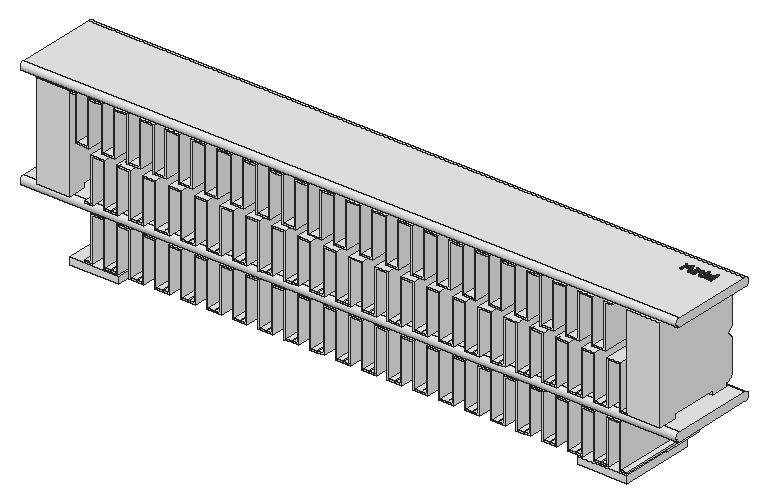
Revit family "Runtal-R3F-1", category Mechanical Equipment, host Face, Revit 2025 (continued)
Definition of nested family "R3f_Plan_Coarse"
  Dimensions and locks
    locked: plane 4 to plane 6 at 76.2
    aligned and locked: plane 5 to curve 1
    aligned and locked: plane 4 to curve 1
    aligned and locked: curve 1 to Masking region 1
    aligned and locked: Masking region 2 to Masking region 1
  Automatic sketch dimensions
    plane 6 to curve 2 = 38.150 mm
    plane 1 "Center (Front/Back)" to curve 2 = 41.273 mm
    curve 2 to curve 2 = 35.875 mm
    plane 5 to curve 3 = 38.100 mm
    plane 1 "Center (Front/Back)" to curve 3 = 41.275 mm
    curve 3 to curve 3 = 35.877 mm
    plane 5 to Masking region 2 sketch curve = 38.100 mm
    Masking region 2 sketch curve to plane 1 "Center (Front/Back)" = 0.952 mm  (x2)
    plane 7 to Masking region 2 sketch curve = 0.000 mm
    plane 6 to Masking region 2 sketch curve = 0.050 mm
    plane 6 to Masking region 2 sketch curve = 38.150 mm
    Masking region 2 sketch curve to Masking region 2 sketch curve = 5.358 mm  (x2)
    Masking region 1 sketch curve to plane 4 = 0.000 mm  (x2)
    Masking region 1 sketch curve to plane 4 = 12.700 mm
    plane 1 "Center (Front/Back)" to Masking region 1 sketch curve = 119.698 mm  (x2)
    Masking region 1 sketch curve to Masking region 1 sketch curve = 6.350 mm  (x2)
    Masking region 1 sketch curve to plane 5 = 0.000 mm  (x2)
    Masking region 1 sketch curve to Masking region 1 sketch curve = 12.700 mm
    plane 1 "Center (Front/Back)" to Masking region 1 sketch curve = 46.673 mm  (x2)
    plane 6 to Masking region 1 sketch curve = 0.050 mm
    Masking region 1 sketch curve to plane 1 "Center (Front/Back)" = 0.952 mm  (x2)
    Masking region 1 sketch curve to plane 4 = 38.050 mm
    plane 5 to Masking region 1 sketch curve = 38.100 mm
    plane 1 "Center (Front/Back)" to Masking region 1 sketch curve = 126.048 mm
    plane 1 "Center (Front/Back)" to Masking region 1 sketch curve = 4.406 mm
    Masking region 1 sketch curve to plane 7 = 0.000 mm
Definition of nested family "R3F_Plan_Medium"
  Parameters
    width = 508.000 mm
  Reference planes
    plane 1 "Center (Front/Back)": y = 0
    plane 2: z = 0
    plane 3 "Center (Left/Right)": x = 0
    plane 4: x = -254
    plane 5: x = 254
  Lines and regions (mm)
    Masking region 1, in view "Ref. Level", detail levels medium+fine
      outline origin (0, 0, 0) x (1, 0, 0) y (0, 1, 0)
        loop
          line (-215.9, -41.275) -> (-254, -41.275) -> (-254, -47.625) -> (-241.3, -47.625) -> (-241.3, -120.65) -> (-254, -120.65) -> (-254, -127) -> (254, -127) -> (254, -120.65) -> (241.3, -120.65) -> (241.3, -47.625) -> (254, -47.625) -> (254, -41.275) -> (215.95, -41.275) -> (215.95, 0) -> (177.85, 0) -> (177.85, -5.358) -> (-177.8, -5.358) -> (-177.8, 0) -> (-215.9, 0) -> (-215.9, -41.275)
    detail lines, in view "Ref. Level", detail levels medium+fine
      curve 1: line (241.3, -47.625, 0) -> (215.9, -47.625, 0)
      curve 2: line (241.3, -80.963, 0) -> (241.3, -47.625, 0)
      curve 3: line (215.9, -80.963, 0) -> (241.3, -80.963, 0)
      curve 4: line (215.9, -47.625, 0) -> (215.9, -80.963, 0)
      curve 5: line (241.3, -80.963, 0) -> (215.9, -80.963, 0)
      curve 6: line (241.3, -114.3, 0) -> (241.3, -80.963, 0)
      curve 7: line (215.9, -114.3, 0) -> (241.3, -114.3, 0)
      curve 8: line (215.9, -80.963, 0) -> (215.9, -114.3, 0)
      curve 9: line (215.9, -114.3, 0) -> (241.3, -114.3, 0)
      curve 10: line (215.9, -120.65, 0) -> (215.9, -114.3, 0)
      curve 11: line (241.3, -120.65, 0) -> (215.9, -120.65, 0)
      curve 12: line (241.3, -114.3, 0) -> (241.3, -120.65, 0)
      curve 13: line (254, -120.65, 0) -> (-254, -120.65, 0)
      curve 14: line (254, -127, 0) -> (254, -120.65, 0)
      curve 15: line (-254, -127, 0) -> (254, -127, 0)
      curve 16: line (-254, -120.65, 0) -> (-254, -127, 0)
      curve 17: line (-241.3, -84.138, 0) -> (-215.9, -84.138, 0)
      curve 18: line (-241.3, -117.475, 0) -> (-241.3, -84.138, 0)
      curve 19: line (-215.9, -117.475, 0) -> (-241.3, -117.475, 0)
      curve 20: line (-215.9, -84.138, 0) -> (-215.9, -117.475, 0)
      curve 21: line (-241.3, -117.475, 0) -> (-215.9, -117.475, 0)
      curve 22: line (-241.3, -120.65, 0) -> (-241.3, -117.475, 0)
      curve 23: line (-215.9, -120.65, 0) -> (-241.3, -120.65, 0)
      curve 24: line (-215.9, -117.475, 0) -> (-215.9, -120.65, 0)
      curve 25: line (-241.3, -50.8, 0) -> (-215.9, -50.8, 0)
      curve 26: line (-241.3, -84.138, 0) -> (-241.3, -50.8, 0)
      curve 27: line (-215.9, -84.138, 0) -> (-241.3, -84.138, 0)
      curve 28: line (-215.9, -50.8, 0) -> (-215.9, -84.138, 0)
      curve 29: line (-241.3, -47.625, 0) -> (-215.9, -47.625, 0)
      curve 30: line (-241.3, -50.8, 0) -> (-241.3, -47.625, 0)
      curve 31: line (-215.9, -50.8, 0) -> (-241.3, -50.8, 0)
      curve 32: line (-215.9, -83.5, 0) -> (215.9, -83.5, 0)
      curve 33: line (-215.9, -47.625, 0) -> (-215.9, -83.5, 0)
      curve 34: line (215.9, -47.625, 0) -> (-215.9, -47.625, 0)
      curve 35: line (215.9, -83.5, 0) -> (215.9, -47.625, 0)
      curve 36: line (-215.9, -84.135, 0) -> (215.9, -84.135, 0)
      curve 37: line (-215.9, -120.65, 0) -> (-215.9, -84.138, 0)
      curve 38: line (215.9, -120.65, 0) -> (-215.9, -120.65, 0)
      curve 39: line (215.9, -83.5, 0) -> (215.9, -120.65, 0)
      curve 40: line (-254, -47.625, 0) -> (254, -47.625, 0)
      curve 41: line (-254, -41.275, 0) -> (-254, -47.625, 0)
      curve 42: line (254, -41.275, 0) -> (-254, -41.275, 0)
      curve 43: line (254, -47.625, 0) -> (254, -41.275, 0)
      curve 79: line (-177.8, -5.358, 0) -> (-215.9, -5.358, 0)
      curve 80: line (177.85, -5.358, 0) -> (215.95, -5.358, 0)
    detail lines, in view "Ref. Level", not visible, detail levels medium+fine
      curve 44: line (-254, -120.65, 0) -> (-254, -127, 0)
      curve 45: line (-241.3, -84.138, 0) -> (-215.9, -84.138, 0)
      curve 46: line (-241.3, -117.475, 0) -> (-241.3, -84.138, 0)
      curve 47: line (-215.9, -117.475, 0) -> (-241.3, -117.475, 0)
      curve 48: line (-215.9, -84.138, 0) -> (-215.9, -117.475, 0)
      curve 49: line (-241.3, -117.475, 0) -> (-215.9, -117.475, 0)
      curve 50: line (-241.3, -120.65, 0) -> (-241.3, -117.475, 0)
      curve 51: line (-215.9, -120.65, 0) -> (-241.3, -120.65, 0)
      curve 52: line (-215.9, -117.475, 0) -> (-215.9, -120.65, 0)
      curve 53: line (-241.3, -50.8, 0) -> (-215.9, -50.8, 0)
      curve 54: line (-241.3, -84.138, 0) -> (-241.3, -50.8, 0)
      curve 55: line (-215.9, -84.138, 0) -> (-241.3, -84.138, 0)
      curve 56: line (-215.9, -50.8, 0) -> (-215.9, -84.138, 0)
      curve 57: line (-241.3, -47.625, 0) -> (-215.9, -47.625, 0)
      curve 58: line (-241.3, -50.8, 0) -> (-241.3, -47.625, 0)
      curve 59: line (-215.9, -50.8, 0) -> (-241.3, -50.8, 0)
      curve 60: line (-215.9, -47.625, 0) -> (-215.9, -83.5, 0)
      curve 61: line (-215.9, -120.65, 0) -> (-215.9, -84.138, 0)
      curve 62: line (-254, -41.275, 0) -> (-254, -47.625, 0)
      curve 63: line (241.3, -47.625, 0) -> (215.9, -47.625, 0)
      curve 64: line (241.3, -80.963, 0) -> (241.3, -47.625, 0)
      curve 65: line (215.9, -80.963, 0) -> (241.3, -80.963, 0)
      curve 66: line (215.9, -47.625, 0) -> (215.9, -80.963, 0)
      curve 67: line (241.3, -80.963, 0) -> (215.9, -80.963, 0)
      curve 68: line (241.3, -114.3, 0) -> (241.3, -80.963, 0)
      curve 69: line (215.9, -114.3, 0) -> (241.3, -114.3, 0)
      curve 70: line (215.9, -80.963, 0) -> (215.9, -114.3, 0)
      curve 71: line (215.9, -114.3, 0) -> (241.3, -114.3, 0)
      curve 72: line (215.9, -120.65, 0) -> (215.9, -114.3, 0)
      curve 73: line (241.3, -120.65, 0) -> (215.9, -120.65, 0)
      curve 74: line (241.3, -114.3, 0) -> (241.3, -120.65, 0)
      curve 75: line (254, -127, 0) -> (254, -120.65, 0)
      curve 76: line (215.9, -83.5, 0) -> (215.9, -47.625, 0)
      curve 77: line (215.9, -83.5, 0) -> (215.9, -120.65, 0)
      curve 78: line (254, -47.625, 0) -> (254, -41.275, 0)
  Dimensions and locks
    equal spacing: plane 4, plane 3 "Center (Left/Right)", plane 5
    "width": plane 4 to plane 5
    aligned and locked: plane 4 to curve 41  (x2)
    aligned and locked: plane 4 to curve 16  (x3)
    aligned and locked: curve 43 to plane 5
    aligned and locked: curve 14 to plane 5
    aligned and locked: plane 4 to curve 42
    aligned and locked: plane 5 to curve 43  (x2)
    aligned and locked: plane 5 to curve 14
    aligned and locked: plane 5 to curve 15
    aligned and locked: plane 4 to curve 15
    aligned and locked: plane 4 to curve 13
    aligned and locked: plane 4 to curve 40
    aligned and locked: plane 5 to curve 13
    aligned and locked: plane 5 to curve 42
    aligned and locked: plane 5 to curve 40
    aligned and locked: curve 39 to curve 36
    aligned and locked: curve 32 to curve 39
    aligned and locked: curve 37 to curve 36
    aligned and locked: curve 37 to curve 32
    aligned and locked: plane 4 to Masking region 1  (x2)
    aligned and locked: Masking region 1 to plane 5  (x2)
  Automatic sketch dimensions
    plane 1 "Center (Front/Back)" to curve 13 = 120.650 mm
    plane 1 "Center (Front/Back)" to curve 15 = 127.000 mm
    plane 1 "Center (Front/Back)" to curve 32 = 83.500 mm
    plane 1 "Center (Front/Back)" to curve 36 = 84.135 mm
    plane 1 "Center (Front/Back)" to curve 40 = 47.625 mm
    plane 1 "Center (Front/Back)" to curve 42 = 41.275 mm
    curve 34 to plane 4 = 38.100 mm
    plane 5 to curve 34 = 38.100 mm
    plane 1 "Center (Front/Back)" to curve 34 = 47.625 mm
    curve 38 to plane 4 = 38.100 mm
    plane 5 to curve 38 = 38.100 mm
    plane 1 "Center (Front/Back)" to curve 38 = 120.650 mm
    Masking region 1 sketch curve to plane 4 = 0.000 mm  (x2)
    Masking region 1 sketch curve to plane 5 = 0.000 mm  (x2)
    plane 1 "Center (Front/Back)" to Masking region 1 sketch curve = 127.000 mm
    Masking region 1 sketch curve to plane 4 = 12.700 mm
    plane 1 "Center (Front/Back)" to Masking region 1 sketch curve = 0.000 mm  (x2)
    Masking region 1 sketch curve to plane 4 = 38.100 mm
    Masking region 1 sketch curve to Masking region 1 sketch curve = 38.100 mm
    plane 5 to Masking region 1 sketch curve = 76.150 mm
    plane 5 to Masking region 1 sketch curve = 38.050 mm
    Masking region 1 sketch curve to Masking region 1 sketch curve = 12.700 mm
    Masking region 1 sketch curve to Masking region 1 sketch curve = 6.350 mm  (x4)
    plane 1 "Center (Front/Back)" to Masking region 1 sketch curve = 47.625 mm  (x2)
    curve 23 to curve 23 = 25.400 mm
    curve 33 to curve 25 = 0.000 mm
    curve 16 to curve 22 = 12.700 mm
    curve 41 to curve 29 = 12.700 mm
    curve 23 to curve 21 = 3.175 mm
    curve 19 to curve 17 = 33.337 mm
    curve 17 to curve 26 = 33.338 mm
    curve 25 to curve 29 = 3.175 mm
    curve 16 to curve 22 = 6.350 mm
    curve 16 to curve 16 = 6.350 mm
    curve 17 to curve 33 = 0.638 mm
    curve 41 to curve 29 = 0.000 mm
    curve 41 to curve 41 = 6.350 mm
    curve 51 to curve 51 = 25.400 mm
    curve 60 to curve 53 = 0.000 mm
    curve 44 to curve 50 = 12.700 mm
    curve 62 to curve 57 = 12.700 mm
    curve 51 to curve 49 = 3.175 mm
    curve 47 to curve 45 = 33.337 mm
    curve 45 to curve 54 = 33.338 mm
    curve 53 to curve 57 = 3.175 mm
    curve 44 to curve 50 = 6.350 mm
    curve 44 to curve 44 = 6.350 mm
    curve 45 to curve 60 = 0.638 mm
    curve 62 to curve 57 = 0.000 mm
    curve 62 to curve 62 = 6.350 mm
    curve 1 to curve 1 = 25.400 mm
    curve 11 to curve 14 = 12.700 mm
    curve 1 to curve 43 = 12.700 mm
    curve 10 to curve 10 = 6.350 mm
    curve 7 to curve 39 = 30.800 mm
    curve 35 to curve 5 = 2.537 mm
    curve 3 to curve 1 = 33.338 mm
    curve 14 to curve 11 = 6.350 mm
    curve 14 to curve 14 = 6.350 mm
    curve 1 to curve 43 = 0.000 mm
    curve 43 to curve 43 = 6.350 mm
    curve 63 to curve 63 = 25.400 mm
    curve 73 to curve 75 = 12.700 mm
    curve 63 to curve 78 = 12.700 mm
    curve 72 to curve 72 = 6.350 mm
    curve 69 to curve 77 = 30.800 mm
    curve 76 to curve 67 = 2.537 mm
    curve 65 to curve 63 = 33.338 mm
    curve 75 to curve 73 = 6.350 mm
    curve 75 to curve 75 = 6.350 mm
    curve 63 to curve 78 = 0.000 mm
    curve 78 to curve 78 = 6.350 mm
    plane 1 "Center (Front/Back)" to curve 79 = 5.358 mm
    curve 79 to plane 4 = 38.100 mm
    curve 79 to curve 79 = 38.100 mm
    plane 1 "Center (Front/Back)" to curve 80 = 5.358 mm
    plane 5 to curve 80 = 76.150 mm
    plane 5 to curve 80 = 38.050 mm
    Masking region 1 sketch curve to Masking region 1 sketch curve = 5.358 mm
Definition of nested family "Family Back Grilles"
  Parameters
    finLength = 431.800 mm
    Right# = ((finLength - 10.160 mm) / (5.080 mm)) + 1  # 84
    Left# = ((finLength - 7.620 mm) / (5.080 mm)) + 1  # 85
    Default Elevation = 1219.200 mm
  Reference planes
    plane 1 "Center (Front/Back)": y = 0
    plane 2: z = 0
    plane 3 "Center (Left/Right)": x = 0
    plane 4: x = 431.8
  Forms (mm)
    Extrusion 1, solid
      sketch origin (0, 0, 0) x (1, 0, 0) y (0, 1, 0)
        loop
          line (-1219.2, 1219.2) -> (-1219.2, -1219.2) -> (1219.2, -1219.2) -> (1219.2, 1219.2) -> (-1219.2, 1219.2)
      from 0 to -304.8
  Lines and regions (mm)
    model lines
      curve 1: circle (2.54, 5.715, 0) r 1.27 normal (0, 0, 1)
      curve 2: circle (5.08, 1.27, 0) r 1.27 normal (0, 0, 1)
      curve 5: circle (7.62, 5.715, 0) r 1.27 normal (0, 0, 1)
      curve 6: circle (10.16, 1.27, 0) r 1.27 normal (0, 0, 1)
      curve 7: circle (15.24, 1.27, 0) r 1.27 normal (0, 0, 1)
      curve 8: circle (20.32, 1.27, 0) r 1.27 normal (0, 0, 1)
      curve 9: circle (12.7, 5.715, 0) r 1.27 normal (0, 0, 1)
      curve 10: circle (17.78, 5.715, 0) r 1.27 normal (0, 0, 1)
      curve 11: circle (22.86, 5.715, 0) r 1.27 normal (0, 0, 1)
      curve 12: circle (27.94, 5.715, 0) r 1.27 normal (0, 0, 1)
      curve 13: circle (33.02, 5.715, 0) r 1.27 normal (0, 0, 1)
      curve 14: circle (38.1, 5.715, 0) r 1.27 normal (0, 0, 1)
      curve 15: circle (43.18, 5.715, 0) r 1.27 normal (0, 0, 1)
      curve 16: circle (48.26, 5.715, 0) r 1.27 normal (0, 0, 1)
      curve 17: circle (53.34, 5.715, 0) r 1.27 normal (0, 0, 1)
      curve 18: circle (58.42, 5.715, 0) r 1.27 normal (0, 0, 1)
      curve 19: circle (63.5, 5.715, 0) r 1.27 normal (0, 0, 1)
      curve 20: circle (68.58, 5.715, 0) r 1.27 normal (0, 0, 1)
      curve 21: circle (73.66, 5.715, 0) r 1.27 normal (0, 0, 1)
      curve 22: circle (78.74, 5.715, 0) r 1.27 normal (0, 0, 1)
      curve 23: circle (83.82, 5.715, 0) r 1.27 normal (0, 0, 1)
      curve 24: circle (88.9, 5.715, 0) r 1.27 normal (0, 0, 1)
      curve 25: circle (93.98, 5.715, 0) r 1.27 normal (0, 0, 1)
      curve 26: circle (99.06, 5.715, 0) r 1.27 normal (0, 0, 1)
      curve 27: circle (104.14, 5.715, 0) r 1.27 normal (0, 0, 1)
      curve 28: circle (109.22, 5.715, 0) r 1.27 normal (0, 0, 1)
      curve 29: circle (114.3, 5.715, 0) r 1.27 normal (0, 0, 1)
      curve 30: circle (119.38, 5.715, 0) r 1.27 normal (0, 0, 1)
      curve 31: circle (124.46, 5.715, 0) r 1.27 normal (0, 0, 1)
      curve 32: circle (129.54, 5.715, 0) r 1.27 normal (0, 0, 1)
      curve 33: circle (134.62, 5.715, 0) r 1.27 normal (0, 0, 1)
      curve 34: circle (139.7, 5.715, 0) r 1.27 normal (0, 0, 1)
      curve 35: circle (144.78, 5.715, 0) r 1.27 normal (0, 0, 1)
      curve 36: circle (149.86, 5.715, 0) r 1.27 normal (0, 0, 1)
      curve 37: circle (154.94, 5.715, 0) r 1.27 normal (0, 0, 1)
      curve 38: circle (160.02, 5.715, 0) r 1.27 normal (0, 0, 1)
      curve 39: circle (165.1, 5.715, 0) r 1.27 normal (0, 0, 1)
      curve 40: circle (170.18, 5.715, 0) r 1.27 normal (0, 0, 1)
      curve 41: circle (175.26, 5.715, 0) r 1.27 normal (0, 0, 1)
      curve 42: circle (180.34, 5.715, 0) r 1.27 normal (0, 0, 1)
      curve 43: circle (185.42, 5.715, 0) r 1.27 normal (0, 0, 1)
      curve 44: circle (190.5, 5.715, 0) r 1.27 normal (0, 0, 1)
      curve 45: circle (195.58, 5.715, 0) r 1.27 normal (0, 0, 1)
      curve 46: circle (200.66, 5.715, 0) r 1.27 normal (0, 0, 1)
      curve 47: circle (205.74, 5.715, 0) r 1.27 normal (0, 0, 1)
      curve 48: circle (210.82, 5.715, 0) r 1.27 normal (0, 0, 1)
      curve 49: circle (215.9, 5.715, 0) r 1.27 normal (0, 0, 1)
      curve 50: circle (220.98, 5.715, 0) r 1.27 normal (0, 0, 1)
      curve 51: circle (226.06, 5.715, 0) r 1.27 normal (0, 0, 1)
      curve 52: circle (231.14, 5.715, 0) r 1.27 normal (0, 0, 1)
      curve 53: circle (236.22, 5.715, 0) r 1.27 normal (0, 0, 1)
      curve 54: circle (241.3, 5.715, 0) r 1.27 normal (0, 0, 1)
      curve 55: circle (246.38, 5.715, 0) r 1.27 normal (0, 0, 1)
      curve 56: circle (251.46, 5.715, 0) r 1.27 normal (0, 0, 1)
      curve 57: circle (256.54, 5.715, 0) r 1.27 normal (0, 0, 1)
      curve 58: circle (261.62, 5.715, 0) r 1.27 normal (0, 0, 1)
      curve 59: circle (266.7, 5.715, 0) r 1.27 normal (0, 0, 1)
      curve 60: circle (271.78, 5.715, 0) r 1.27 normal (0, 0, 1)
      curve 61: circle (276.86, 5.715, 0) r 1.27 normal (0, 0, 1)
      curve 62: circle (281.94, 5.715, 0) r 1.27 normal (0, 0, 1)
      curve 63: circle (287.02, 5.715, 0) r 1.27 normal (0, 0, 1)
      curve 64: circle (292.1, 5.715, 0) r 1.27 normal (0, 0, 1)
      curve 65: circle (297.18, 5.715, 0) r 1.27 normal (0, 0, 1)
      curve 66: circle (302.26, 5.715, 0) r 1.27 normal (0, 0, 1)
      curve 67: circle (307.34, 5.715, 0) r 1.27 normal (0, 0, 1)
      curve 68: circle (312.42, 5.715, 0) r 1.27 normal (0, 0, 1)
      curve 69: circle (317.5, 5.715, 0) r 1.27 normal (0, 0, 1)
      curve 70: circle (322.58, 5.715, 0) r 1.27 normal (0, 0, 1)
      curve 71: circle (327.66, 5.715, 0) r 1.27 normal (0, 0, 1)
      curve 72: circle (332.74, 5.715, 0) r 1.27 normal (0, 0, 1)
      curve 73: circle (337.82, 5.715, 0) r 1.27 normal (0, 0, 1)
      curve 74: circle (342.9, 5.715, 0) r 1.27 normal (0, 0, 1)
      curve 75: circle (347.98, 5.715, 0) r 1.27 normal (0, 0, 1)
      curve 76: circle (353.06, 5.715, 0) r 1.27 normal (0, 0, 1)
      curve 77: circle (358.14, 5.715, 0) r 1.27 normal (0, 0, 1)
      curve 78: circle (363.22, 5.715, 0) r 1.27 normal (0, 0, 1)
      curve 79: circle (368.3, 5.715, 0) r 1.27 normal (0, 0, 1)
      curve 80: circle (373.38, 5.715, 0) r 1.27 normal (0, 0, 1)
      curve 81: circle (378.46, 5.715, 0) r 1.27 normal (0, 0, 1)
      curve 82: circle (383.54, 5.715, 0) r 1.27 normal (0, 0, 1)
      curve 83: circle (388.62, 5.715, 0) r 1.27 normal (0, 0, 1)
      curve 84: circle (393.7, 5.715, 0) r 1.27 normal (0, 0, 1)
      curve 85: circle (398.78, 5.715, 0) r 1.27 normal (0, 0, 1)
      curve 86: circle (403.86, 5.715, 0) r 1.27 normal (0, 0, 1)
      curve 87: circle (408.94, 5.715, 0) r 1.27 normal (0, 0, 1)
      curve 88: circle (414.02, 5.715, 0) r 1.27 normal (0, 0, 1)
      curve 89: circle (419.1, 5.715, 0) r 1.27 normal (0, 0, 1)
      curve 90: circle (424.18, 5.715, 0) r 1.27 normal (0, 0, 1)
      curve 91: circle (429.26, 5.715, 0) r 1.27 normal (0, 0, 1)
      curve 92: circle (25.4, 1.27, 0) r 1.27 normal (0, 0, 1)
      curve 93: circle (30.48, 1.27, 0) r 1.27 normal (0, 0, 1)
      curve 94: circle (35.56, 1.27, 0) r 1.27 normal (0, 0, 1)
      curve 95: circle (40.64, 1.27, 0) r 1.27 normal (0, 0, 1)
      curve 96: circle (45.72, 1.27, 0) r 1.27 normal (0, 0, 1)
      curve 97: circle (50.8, 1.27, 0) r 1.27 normal (0, 0, 1)
      curve 98: circle (55.88, 1.27, 0) r 1.27 normal (0, 0, 1)
      curve 99: circle (60.96, 1.27, 0) r 1.27 normal (0, 0, 1)
      curve 100: circle (66.04, 1.27, 0) r 1.27 normal (0, 0, 1)
      curve 101: circle (71.12, 1.27, 0) r 1.27 normal (0, 0, 1)
      curve 102: circle (76.2, 1.27, 0) r 1.27 normal (0, 0, 1)
      curve 103: circle (81.28, 1.27, 0) r 1.27 normal (0, 0, 1)
      curve 104: circle (86.36, 1.27, 0) r 1.27 normal (0, 0, 1)
      curve 105: circle (91.44, 1.27, 0) r 1.27 normal (0, 0, 1)
      curve 106: circle (96.52, 1.27, 0) r 1.27 normal (0, 0, 1)
      curve 107: circle (101.6, 1.27, 0) r 1.27 normal (0, 0, 1)
      curve 108: circle (106.68, 1.27, 0) r 1.27 normal (0, 0, 1)
      curve 109: circle (111.76, 1.27, 0) r 1.27 normal (0, 0, 1)
      curve 110: circle (116.84, 1.27, 0) r 1.27 normal (0, 0, 1)
      curve 111: circle (121.92, 1.27, 0) r 1.27 normal (0, 0, 1)
      curve 112: circle (127, 1.27, 0) r 1.27 normal (0, 0, 1)
      curve 113: circle (132.08, 1.27, 0) r 1.27 normal (0, 0, 1)
      curve 114: circle (137.16, 1.27, 0) r 1.27 normal (0, 0, 1)
      curve 115: circle (142.24, 1.27, 0) r 1.27 normal (0, 0, 1)
      curve 116: circle (147.32, 1.27, 0) r 1.27 normal (0, 0, 1)
      curve 117: circle (152.4, 1.27, 0) r 1.27 normal (0, 0, 1)
      curve 118: circle (157.48, 1.27, 0) r 1.27 normal (0, 0, 1)
      curve 119: circle (162.56, 1.27, 0) r 1.27 normal (0, 0, 1)
      curve 120: circle (167.64, 1.27, 0) r 1.27 normal (0, 0, 1)
      curve 121: circle (172.72, 1.27, 0) r 1.27 normal (0, 0, 1)
      curve 122: circle (177.8, 1.27, 0) r 1.27 normal (0, 0, 1)
      curve 123: circle (182.88, 1.27, 0) r 1.27 normal (0, 0, 1)
      curve 124: circle (187.96, 1.27, 0) r 1.27 normal (0, 0, 1)
      curve 125: circle (193.04, 1.27, 0) r 1.27 normal (0, 0, 1)
      curve 126: circle (198.12, 1.27, 0) r 1.27 normal (0, 0, 1)
      curve 127: circle (203.2, 1.27, 0) r 1.27 normal (0, 0, 1)
      curve 128: circle (208.28, 1.27, 0) r 1.27 normal (0, 0, 1)
      curve 129: circle (213.36, 1.27, 0) r 1.27 normal (0, 0, 1)
      curve 130: circle (218.44, 1.27, 0) r 1.27 normal (0, 0, 1)
      curve 131: circle (223.52, 1.27, 0) r 1.27 normal (0, 0, 1)
      curve 132: circle (228.6, 1.27, 0) r 1.27 normal (0, 0, 1)
      curve 133: circle (233.68, 1.27, 0) r 1.27 normal (0, 0, 1)
      curve 134: circle (238.76, 1.27, 0) r 1.27 normal (0, 0, 1)
      curve 135: circle (243.84, 1.27, 0) r 1.27 normal (0, 0, 1)
      curve 136: circle (248.92, 1.27, 0) r 1.27 normal (0, 0, 1)
      curve 137: circle (254, 1.27, 0) r 1.27 normal (0, 0, 1)
      curve 138: circle (259.08, 1.27, 0) r 1.27 normal (0, 0, 1)
      curve 139: circle (264.16, 1.27, 0) r 1.27 normal (0, 0, 1)
      curve 140: circle (269.24, 1.27, 0) r 1.27 normal (0, 0, 1)
      curve 141: circle (274.32, 1.27, 0) r 1.27 normal (0, 0, 1)
      curve 142: circle (279.4, 1.27, 0) r 1.27 normal (0, 0, 1)
      curve 143: circle (284.48, 1.27, 0) r 1.27 normal (0, 0, 1)
      curve 144: circle (289.56, 1.27, 0) r 1.27 normal (0, 0, 1)
      curve 145: circle (294.64, 1.27, 0) r 1.27 normal (0, 0, 1)
      curve 146: circle (299.72, 1.27, 0) r 1.27 normal (0, 0, 1)
      curve 147: circle (304.8, 1.27, 0) r 1.27 normal (0, 0, 1)
      curve 148: circle (309.88, 1.27, 0) r 1.27 normal (0, 0, 1)
      curve 149: circle (314.96, 1.27, 0) r 1.27 normal (0, 0, 1)
      curve 150: circle (320.04, 1.27, 0) r 1.27 normal (0, 0, 1)
      curve 151: circle (325.12, 1.27, 0) r 1.27 normal (0, 0, 1)
      curve 152: circle (330.2, 1.27, 0) r 1.27 normal (0, 0, 1)
      curve 153: circle (335.28, 1.27, 0) r 1.27 normal (0, 0, 1)
      curve 154: circle (340.36, 1.27, 0) r 1.27 normal (0, 0, 1)
      curve 155: circle (345.44, 1.27, 0) r 1.27 normal (0, 0, 1)
      curve 156: circle (350.52, 1.27, 0) r 1.27 normal (0, 0, 1)
      curve 157: circle (355.6, 1.27, 0) r 1.27 normal (0, 0, 1)
      curve 158: circle (360.68, 1.27, 0) r 1.27 normal (0, 0, 1)
      curve 159: circle (365.76, 1.27, 0) r 1.27 normal (0, 0, 1)
      curve 160: circle (370.84, 1.27, 0) r 1.27 normal (0, 0, 1)
      curve 161: circle (375.92, 1.27, 0) r 1.27 normal (0, 0, 1)
      curve 162: circle (381, 1.27, 0) r 1.27 normal (0, 0, 1)
      curve 163: circle (386.08, 1.27, 0) r 1.27 normal (0, 0, 1)
      curve 164: circle (391.16, 1.27, 0) r 1.27 normal (0, 0, 1)
      curve 165: circle (396.24, 1.27, 0) r 1.27 normal (0, 0, 1)
      curve 166: circle (401.32, 1.27, 0) r 1.27 normal (0, 0, 1)
      curve 167: circle (406.4, 1.27, 0) r 1.27 normal (0, 0, 1)
      curve 168: circle (411.48, 1.27, 0) r 1.27 normal (0, 0, 1)
      curve 169: circle (416.56, 1.27, 0) r 1.27 normal (0, 0, 1)
      curve 170: circle (421.64, 1.27, 0) r 1.27 normal (0, 0, 1)
      curve 171: circle (426.72, 1.27, 0) r 1.27 normal (0, 0, 1)
    model lines, not visible
      curve 3: circle (2.54, 5.715, 0) r 1.27 normal (0, 0, 1)
      curve 4: circle (5.08, 1.27, 0) r 1.27 normal (0, 0, 1)
  Dimensions and locks
    "finLength": plane 3 "Center (Left/Right)" to plane 4
    equal spacing: group 1, group 5, group 9, group 10, group 11, group 12, group 13, group 14, group 15, group 16, group 17, group 18, group 19, group 20, group 21, group 22, group 23, group 24, group 25, group 26, group 27, group 28, group 29, group 30, group 31, group 32, group 33, group 34, group 35, group 36, group 37, group 38, group 39, group 40, group 41, group 42, group 43, group 44, group 45, group 46, group 47, group 48, group 49, group 50, group 51, group 52, group 53, group 54, group 55, group 56, group 57, group 58, group 59, group 60, group 61, group 62, group 63, group 64, group 65, group 66, group 67, group 68, group 69, group 70, group 71, group 72, group 73, group 74, group 75, group 76, group 77, group 78, group 79, group 80, group 81, group 82, group 83, group 84, group 85, group 86, group 87, group 88, group 89, group 90, group 91  (x3)
    equal spacing: group 3, group 6, group 7, group 8, group 92, group 93, group 94, group 95, group 96, group 97, group 98, group 99, group 100, group 101, group 102, group 103, group 104, group 105, group 106, group 107, group 108, group 109, group 110, group 111, group 112, group 113, group 114, group 115, group 116, group 117, group 118, group 119, group 120, group 121, group 122, group 123, group 124, group 125, group 126, group 127, group 128, group 129, group 130, group 131, group 132, group 133, group 134, group 135, group 136, group 137, group 138, group 139, group 140, group 141, group 142, group 143, group 144, group 145, group 146, group 147, group 148, group 149, group 150, group 151, group 152, group 153, group 154, group 155, group 156, group 157, group 158, group 159, group 160, group 161, group 162, group 163, group 164, group 165, group 166, group 167, group 168, group 169, group 170, group 171  (x3)
    aligned and locked: plane 2 to Extrusion 1
    aligned and locked: level to Extrusion 1
  Automatic sketch dimensions
    Extrusion 1 sketch curve to Extrusion 1 sketch curve = 2438.400 mm  (x2)
    radius of curve 1 = 1.270 mm
    radius of curve 3 = 1.270 mm
    radius of curve 2 = 1.270 mm
    radius of curve 4 = 1.270 mm
    radius of curve 5 = 1.270 mm
    radius of curve 6 = 1.270 mm
    radius of curve 7 = 1.270 mm
    radius of curve 8 = 1.270 mm
    radius of curve 9 = 1.270 mm
    radius of curve 10 = 1.270 mm
    radius of curve 11 = 1.270 mm
    radius of curve 12 = 1.270 mm
    radius of curve 13 = 1.270 mm
    radius of curve 14 = 1.270 mm
    radius of curve 15 = 1.270 mm
    radius of curve 16 = 1.270 mm
    radius of curve 17 = 1.270 mm
    radius of curve 18 = 1.270 mm
    radius of curve 19 = 1.270 mm
    radius of curve 20 = 1.270 mm
    radius of curve 21 = 1.270 mm
    radius of curve 22 = 1.270 mm
    radius of curve 23 = 1.270 mm
    radius of curve 24 = 1.270 mm
    radius of curve 25 = 1.270 mm
    radius of curve 26 = 1.270 mm
    radius of curve 27 = 1.270 mm
    radius of curve 28 = 1.270 mm
    radius of curve 29 = 1.270 mm
    radius of curve 30 = 1.270 mm
    radius of curve 31 = 1.270 mm
    radius of curve 32 = 1.270 mm
    radius of curve 33 = 1.270 mm
    radius of curve 34 = 1.270 mm
    radius of curve 35 = 1.270 mm
    radius of curve 36 = 1.270 mm
    radius of curve 37 = 1.270 mm
    radius of curve 38 = 1.270 mm
    radius of curve 39 = 1.270 mm
    radius of curve 40 = 1.270 mm
    radius of curve 41 = 1.270 mm
    radius of curve 42 = 1.270 mm
    radius of curve 43 = 1.270 mm
    radius of curve 44 = 1.270 mm
    radius of curve 45 = 1.270 mm
    radius of curve 46 = 1.270 mm
    radius of curve 47 = 1.270 mm
    radius of curve 48 = 1.270 mm
    radius of curve 49 = 1.270 mm
    radius of curve 50 = 1.270 mm
    radius of curve 51 = 1.270 mm
    radius of curve 52 = 1.270 mm
    radius of curve 53 = 1.270 mm
    radius of curve 54 = 1.270 mm
    radius of curve 55 = 1.270 mm
    radius of curve 56 = 1.270 mm
    radius of curve 57 = 1.270 mm
    radius of curve 58 = 1.270 mm
    radius of curve 59 = 1.270 mm
    radius of curve 60 = 1.270 mm
    radius of curve 61 = 1.270 mm
    radius of curve 62 = 1.270 mm
    radius of curve 63 = 1.270 mm
    radius of curve 64 = 1.270 mm
    radius of curve 65 = 1.270 mm
    radius of curve 66 = 1.270 mm
    radius of curve 67 = 1.270 mm
    radius of curve 68 = 1.270 mm
    radius of curve 69 = 1.270 mm
    radius of curve 70 = 1.270 mm
    radius of curve 71 = 1.270 mm
    radius of curve 72 = 1.270 mm
    radius of curve 73 = 1.270 mm
    radius of curve 74 = 1.270 mm
    radius of curve 75 = 1.270 mm
    radius of curve 76 = 1.270 mm
    radius of curve 77 = 1.270 mm
    radius of curve 78 = 1.270 mm
    radius of curve 79 = 1.270 mm
    radius of curve 80 = 1.270 mm
    radius of curve 81 = 1.270 mm
    radius of curve 82 = 1.270 mm
    radius of curve 83 = 1.270 mm
    radius of curve 84 = 1.270 mm
    radius of curve 85 = 1.270 mm
    radius of curve 86 = 1.270 mm
    radius of curve 87 = 1.270 mm
    radius of curve 88 = 1.270 mm
    radius of curve 89 = 1.270 mm
    radius of curve 90 = 1.270 mm
    radius of curve 91 = 1.270 mm
    radius of curve 92 = 1.270 mm
    radius of curve 93 = 1.270 mm
    radius of curve 94 = 1.270 mm
    radius of curve 95 = 1.270 mm
    radius of curve 96 = 1.270 mm
    radius of curve 97 = 1.270 mm
    radius of curve 98 = 1.270 mm
    radius of curve 99 = 1.270 mm
    radius of curve 100 = 1.270 mm
    radius of curve 101 = 1.270 mm
    radius of curve 102 = 1.270 mm
    radius of curve 103 = 1.270 mm
    radius of curve 104 = 1.270 mm
    radius of curve 105 = 1.270 mm
    radius of curve 106 = 1.270 mm
    radius of curve 107 = 1.270 mm
    radius of curve 108 = 1.270 mm
    radius of curve 109 = 1.270 mm
    radius of curve 110 = 1.270 mm
    radius of curve 111 = 1.270 mm
    radius of curve 112 = 1.270 mm
    radius of curve 113 = 1.270 mm
    radius of curve 114 = 1.270 mm
    radius of curve 115 = 1.270 mm
    radius of curve 116 = 1.270 mm
    radius of curve 117 = 1.270 mm
    radius of curve 118 = 1.270 mm
    radius of curve 119 = 1.270 mm
    radius of curve 120 = 1.270 mm
    radius of curve 121 = 1.270 mm
    radius of curve 122 = 1.270 mm
    radius of curve 123 = 1.270 mm
    radius of curve 124 = 1.270 mm
    radius of curve 125 = 1.270 mm
    radius of curve 126 = 1.270 mm
    radius of curve 127 = 1.270 mm
    radius of curve 128 = 1.270 mm
    radius of curve 129 = 1.270 mm
    radius of curve 130 = 1.270 mm
    radius of curve 131 = 1.270 mm
    radius of curve 132 = 1.270 mm
    radius of curve 133 = 1.270 mm
    radius of curve 134 = 1.270 mm
    radius of curve 135 = 1.270 mm
    radius of curve 136 = 1.270 mm
    radius of curve 137 = 1.270 mm
    radius of curve 138 = 1.270 mm
    radius of curve 139 = 1.270 mm
    radius of curve 140 = 1.270 mm
    radius of curve 141 = 1.270 mm
    radius of curve 142 = 1.270 mm
    radius of curve 143 = 1.270 mm
    radius of curve 144 = 1.270 mm
    radius of curve 145 = 1.270 mm
    radius of curve 146 = 1.270 mm
    radius of curve 147 = 1.270 mm
    radius of curve 148 = 1.270 mm
    radius of curve 149 = 1.270 mm
    radius of curve 150 = 1.270 mm
    radius of curve 151 = 1.270 mm
    radius of curve 152 = 1.270 mm
    radius of curve 153 = 1.270 mm
    radius of curve 154 = 1.270 mm
    radius of curve 155 = 1.270 mm
    radius of curve 156 = 1.270 mm
    radius of curve 157 = 1.270 mm
    radius of curve 158 = 1.270 mm
    radius of curve 159 = 1.270 mm
    radius of curve 160 = 1.270 mm
    radius of curve 161 = 1.270 mm
    radius of curve 162 = 1.270 mm
    radius of curve 163 = 1.270 mm
    radius of curve 164 = 1.270 mm
    radius of curve 165 = 1.270 mm
    radius of curve 166 = 1.270 mm
    radius of curve 167 = 1.270 mm
    radius of curve 168 = 1.270 mm
    radius of curve 169 = 1.270 mm
    radius of curve 170 = 1.270 mm
    radius of curve 171 = 1.270 mm
